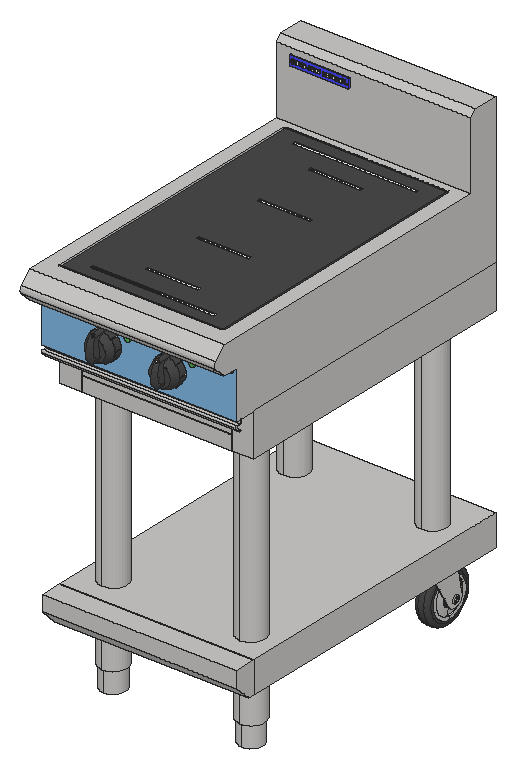
Revit family "QF_Moffat_IN512F-LS_Induction_Cooktop_cat", category Specialty Equipment, Revit 2019
Family settings
  Round Connector Dimension = Use Diameter
  Part Type = Normal
  Work Plane-Based = No
  Always vertical = Yes
  Cut with Voids When Loaded = No
  Shared = No
  Room Calculation Point = No
Parameters (values of type "IN512F-LS")
  Weight in Kilograms = 88
  Watts = 5810 W
  Volts = 415 V
  URL Cutsheet = ""
  Specification by User = ""
  Specification by Manufacturer = ""
  Show Logo [instance] = yes
  Show Legs [instance] = not(Show Castors)  # no
  Show Castors [instance] = yes
  Serial Number = ""
  Seismic Rating = ""
  SMACNA No = ""
  Revision Code = ""
  Phase = 3
  Number of Poles = 1
  NAFEM Spec ID Number = ""
  Model = "IN512F-LS"
  Min Ckt Ampacity = 0 A
  Max Overcurrent Protection = 0 A
  Masterspec = ""
  Manufacturer = "Moffat"
  Length = 450 mm
  Item Number = ""
  Installed By = ""
  Identify Quantity as Lot = yes
  Height = 1085 mm
  HP = ""
  Furnished By = ""
  Foodservice Equipment Identifier = yes
  FL Amps = 14 A
  Electrical Remarks = ""
  Electric Connection Type = ""
  Elec Conn RI Height = 0 mm
  Elec Conn Connection Height = 0 mm
  Description = "Induction Cooktop"
  Depth = 812.2 mm
  Cycle = 60 Hz
  Conn Plug = ""
  Conn Conduit = yes
  CSI MasterFormat = ""
  Apparent Power = if(Phase = 3, Volts * FL Amps * 1.73, Volts * FL Amps)  # 10051.3 VA
Reference planes
  plane 1 "BACK": y = 0
  plane 2: z = 0
  plane 3 "LEFT": x = 0
  plane 4 "RIGHT": x = 450
  plane 5 "FRONT": y = -812.2
  plane 6 "TOP": z = 1085
  plane 7 "Center Y": x = 225
  plane 8 "Center X": y = -406.1
  plane 9: x = 65.5
  plane 10: x = 384.5
  plane 11: y = -30
  plane 12: x = 320
  plane 13: z = 635
  plane 14: y = -100
  plane 15: y = -625
  plane 16: z = 150
Forms (mm)
  Extrusion 1, solid, material "QF_Metal_Stainless_Polished"
    sketch origin (0, 0, 560) x (0, 1, 0) y (0, 0, 1)
      loop
        line (0, 180) -> (0, 525) -> (-57, 525) -> (-70, 512) -> (-70, 354.5) -> (-784.171, 354.5) -> (-808.685, 329.985)
        arc (-808.685, 329.985) -> (-812.2, 321.5) -> (-808.685, 313.015) r 12
        line (-808.685, 313.015) -> (-785.171, 289.5) -> (-749, 289.5) -> (-749, 180) -> (0, 180)
    from 0 to 450
  Extrusion 2, void
    sketch origin (0, -784.171, 914.5) x (0, 1, 0) y (-1, 0, 0)
      loop
        arc (696.671, -39.5) -> (694.913, -35.257) -> (690.671, -33.5) r 6
        line (690.671, -33.5) -> (44.671, -33.5)
        arc (44.671, -33.5) -> (40.428, -35.257) -> (38.671, -39.5) r 6
        line (38.671, -39.5) -> (38.671, -410.5)
        arc (38.671, -410.5) -> (40.428, -414.743) -> (44.671, -416.5) r 6
        line (44.671, -416.5) -> (690.671, -416.5)
        arc (690.671, -416.5) -> (694.913, -414.743) -> (696.671, -410.5) r 6
        line (696.671, -410.5) -> (696.671, -39.5)
    from 0 to -9.5
  Extrusion 3, solid, material "QF_Plastic_White_Smooth"
    sketch origin (0, -784.171, 905) x (0, 1, 0) y (-1, 0, 0)
      loop
        line (663.271, -82.5) -> (657.271, -82.5) -> (657.271, -367.5) -> (663.271, -367.5) -> (663.271, -82.5)
      loop
        line (605.671, -165) -> (599.671, -165) -> (599.671, -285) -> (605.671, -285) -> (605.671, -165)
      loop
        line (459.171, -165) -> (453.171, -165) -> (453.171, -285) -> (459.171, -285) -> (459.171, -165)
      loop
        line (282.171, -165) -> (276.171, -165) -> (276.171, -285) -> (282.171, -285) -> (282.171, -165)
      loop
        line (135.671, -165) -> (129.671, -165) -> (129.671, -285) -> (135.671, -285) -> (135.671, -165)
      loop
        line (78.071, -82.5) -> (72.071, -82.5) -> (72.071, -367.5) -> (78.071, -367.5) -> (78.071, -82.5)
    from 0 to 9.5
  Extrusion 4, solid, material "QF_Plastic_Black_Smooth"
    sketch origin (0, -784.171, 914.5) x (0, 1, 0) y (-1, 0, 0)
      loop
        line (692.671, -410.5) -> (692.671, -39.5)
        arc (692.671, -39.5) -> (692.085, -38.086) -> (690.671, -37.5) r 2
        line (690.671, -37.5) -> (44.671, -37.5)
        arc (44.671, -37.5) -> (43.256, -38.086) -> (42.671, -39.5) r 2
        line (42.671, -39.5) -> (42.671, -410.5)
        arc (42.671, -410.5) -> (43.256, -411.914) -> (44.671, -412.5) r 2
        line (44.671, -412.5) -> (690.671, -412.5)
        arc (690.671, -412.5) -> (692.085, -411.914) -> (692.671, -410.5) r 2
      loop
        line (663.271, -367.5) -> (663.271, -82.5) -> (657.271, -82.5) -> (657.271, -367.5) -> (663.271, -367.5)
      loop
        line (605.671, -285) -> (605.671, -165) -> (599.671, -165) -> (599.671, -285) -> (605.671, -285)
      loop
        line (459.171, -285) -> (459.171, -165) -> (453.171, -165) -> (453.171, -285) -> (459.171, -285)
      loop
        line (282.171, -285) -> (282.171, -165) -> (276.171, -165) -> (276.171, -285) -> (282.171, -285)
      loop
        line (135.671, -285) -> (135.671, -165) -> (129.671, -165) -> (129.671, -285) -> (135.671, -285)
      loop
        line (78.071, -367.5) -> (78.071, -82.5) -> (72.071, -82.5) -> (72.071, -367.5) -> (78.071, -367.5)
    from 0 to -9.5
  Extrusion 5, solid, material "QF_Metal_Stainless_Polished"
    sketch origin (0, 0, 600) x (0, 1, 0) y (0, 0, 1)
      loop
        line (-737.8, 140) -> (-737.8, 130) -> (-747.305, 130)
        arc (-747.305, 130) -> (-750.276, 128.015) -> (-749.579, 124.511) r 3.215
        line (-749.579, 124.511) -> (-739.05, 113.982) -> (-737.919, 115.113) -> (-748.447, 125.642)
        arc (-748.447, 125.642) -> (-748.797, 127.403) -> (-747.305, 128.4) r 1.615
        line (-747.305, 128.4) -> (-736.2, 128.4) -> (-736.2, 140) -> (-737.8, 140)
    from 0 to 450
  Extrusion 6, solid, material "QF_Plastic_Black_Smooth"
    sketch origin (0, -749, 741.875) x (0, 0, 1) y (-1, 0, 0)
      loop
        circle (99.343, -13.157) r 5
      loop
        circle (99.343, -436.843) r 5
      loop
        circle (99.343, -150) r 5
      loop
        circle (99.343, -300) r 5
    from 0 to 1.6
  Extrusion 7, solid, material "QF_Metal_Stainless_Polished"
    sketch origin (0, -699, 640) x (0, 1, 0) y (1, 0, 0)
      loop
        circle (669, 320) r 6.35
    from 0 to 1.6
  Extrusion 8, solid, material "QF_Metal_Stainless_Polished"
    sketch origin (0, -699, 645) x (1, 0, 0) y (0, -1, 0)
      loop
        line (0, -699) -> (450, -699) -> (450, 0) -> (399.2, 0) -> (399.2, -25.4) -> (50.8, -25.4) -> (50.8, 0) -> (0, 0) -> (0, -699)
    from 5 to -95
  Extrusion 9, solid, material "QF_Metal_Stainless_Polished"
    sketch origin (50.8, -30, 645) x (0, 1, 0) y (0, 0, 1)
      loop
        line (-669, -5) -> (-643.6, -5) -> (-643.6, 27.7) -> (-669, 27.7) -> (-669, -5)
      loop
        line (-669, 28.7) -> (-643.6, 28.7) -> (-643.6, 61.4) -> (-669, 61.4) -> (-669, 28.7)
      loop
        line (-669, 62.4) -> (-643.6, 62.4) -> (-643.6, 95) -> (-669, 95) -> (-669, 62.4)
    from 0 to 348.4
  Revolve 10, solid, material "QF_Metal_Stainless_Polished"
    sketch origin (65.5, -4572, 255.2) x (0, 0, -1) y (0, -1, 0)
      loop
        line (32.7, -4503.75) -> (32.7, -4472) -> (-384.8, -4472) -> (-384.8, -4503.75) -> (32.7, -4503.75)
      axis (-384.8, -4472) -> (32.7, -4472)
    angle from 0 to 360
  Revolve 11, solid, material "QF_Metal_Stainless_Polished"
    sketch origin (65.5, -4572, 255.2) x (0, 0, -1) y (0, -1, 0)
      loop
        line (255.2, -3974.5) -> (255.2, -3947) -> (-384.8, -3947) -> (-384.8, -3978.75) -> (205.2, -3978.75) -> (205.2, -3974.5) -> (255.2, -3974.5)
      axis (-384.8, -3947) -> (255.2, -3947)
    angle from 0 to 360
  Revolve 12, solid, material "QF_Metal_Stainless_Polished"
    sketch origin (384.5, -4572, 255.2) x (0, 0, -1) y (0, 1, 0)
      loop
        line (32.7, 4503.75) -> (-384.8, 4503.75) -> (-384.8, 4472) -> (32.7, 4472) -> (32.7, 4503.75)
      axis (-384.8, 4472) -> (32.7, 4472)
    angle from 0 to 360
  Revolve 13, solid, material "QF_Metal_Stainless_Polished"
    sketch origin (384.5, -4572, 255.2) x (0, 0, -1) y (0, 1, 0)
      loop
        line (255.2, 3974.5) -> (205.2, 3974.5) -> (205.2, 3978.75) -> (-384.8, 3978.75) -> (-384.8, 3947) -> (255.2, 3947) -> (255.2, 3974.5)
      axis (-384.8, 3947) -> (255.2, 3947)
    angle from 0 to 360
  Extrusion 14, solid, material "QF_Metal_Stainless_Polished"
    sketch origin (0, 0, 0) x (0, 1, 0) y (0, 0, 1)
      loop
        line (-747.95, 186) -> (-711.95, 150) -> (-697.95, 150) -> (-697.95, 222.5) -> (-747.95, 222.5) -> (-747.95, 186)
    from 0 to 450
  Extrusion 15, solid, material "QF_Metal_Stainless_Polished"
    sketch origin (0, 0, 0) x (0, 1, 0) y (0, 0, 1)
      loop
        line (-697.95, 222.5) -> (-697.95, 150) -> (0, 150) -> (0, 222.5) -> (-697.95, 222.5)
    from 0 to 450
  Revolve 16, solid, material "QF_Metal_Stainless_Polished", visible <- "Show Legs"
    sketch origin (65.5, -4047, 255.2) x (0, 0, -1) y (0, -1, 0)
      loop
        line (255.2, -3974.5) -> (255.2, -3947) -> (105.2, -3947) -> (105.2, -3978.75) -> (205.2, -3978.75) -> (205.2, -3974.5) -> (255.2, -3974.5)
      axis (105.2, -3947) -> (255.2, -3947)
    angle from 0 to 360
  Revolve 17, solid, material "QF_Metal_Stainless_Polished", visible <- "Show Legs"
    sketch origin (384.5, -4047, 255.2) x (0, 0, -1) y (0, -1, 0)
      loop
        line (255.2, -3974.5) -> (255.2, -3947) -> (105.2, -3947) -> (105.2, -3978.75) -> (205.2, -3978.75) -> (205.2, -3974.5) -> (255.2, -3974.5)
      axis (105.2, -3947) -> (255.2, -3947)
    angle from 0 to 360
  Extrusion 18, solid, material "QF_Paint_Green"
    sketch origin (-84.269, -749, 740) x (0, 0, 1) y (-1, 0, 0)
      loop
        circle (84.8, -282.5) r 7.15
    from 0 to 1.6
  Extrusion 19, solid, material "QF_Paint_Green"
    sketch origin (65.731, -749, 740) x (0, 0, 1) y (-1, 0, 0)
      loop
        circle (84.8, -282.5) r 7.15
    from 0 to 1.6
Cuts and joins
  Extrusion 2 cuts Extrusion 1
  joined: Revolve 11, Revolve 13, Extrusion 15
Lines and regions (mm)
  symbolic lines
    curve 1: line (0, 0, 0) -> (450, 0, 0)
    curve 2: line (0, -812.2, 0) -> (0, 0, 0)
    curve 3: line (450, -812.2, 0) -> (0, -812.2, 0)
    curve 4: line (450, 0, 0) -> (450, -812.2, 0)
    curve 5: line (0, -784.171, 0) -> (450, -784.171, 0)
    curve 6: line (0, -57, 0) -> (450, -57, 0)
    curve 7: line (0, -70, 0) -> (450, -70, 0)
    curve 8: line (39.5, -87.5, 0) -> (410.5, -87.5, 0)
    curve 9: arc (410.5, -87.5, 0) -> (414.743, -89.257, 0) -> (416.5, -93.5, 0) r 6
    curve 10: line (416.5, -93.5, 0) -> (416.5, -739.5, 0)
    curve 11: arc (416.5, -739.5, 0) -> (414.743, -743.743, 0) -> (410.5, -745.5, 0) r 6
    curve 12: line (410.5, -745.5, 0) -> (39.5, -745.5, 0)
    curve 13: arc (39.5, -745.5, 0) -> (35.257, -743.743, 0) -> (33.5, -739.5, 0) r 6
    curve 14: line (33.5, -739.5, 0) -> (33.5, -93.5, 0)
    curve 15: arc (33.5, -93.5, 0) -> (35.257, -89.257, 0) -> (39.5, -87.5, 0) r 6
    curve 16: line (410.5, -91.5, 0) -> (39.5, -91.5, 0)
    curve 17: arc (39.5, -91.5, 0) -> (38.086, -92.086, 0) -> (37.5, -93.5, 0) r 2
    curve 18: line (37.5, -93.5, 0) -> (37.5, -739.5, 0)
    curve 19: arc (37.5, -739.5, 0) -> (38.086, -740.914, 0) -> (39.5, -741.5, 0) r 2
    curve 20: line (39.5, -741.5, 0) -> (410.5, -741.5, 0)
    curve 21: arc (410.5, -741.5, 0) -> (411.914, -740.914, 0) -> (412.5, -739.5, 0) r 2
    curve 22: line (412.5, -739.5, 0) -> (412.5, -93.5, 0)
    curve 23: arc (412.5, -93.5, 0) -> (411.914, -92.086, 0) -> (410.5, -91.5, 0) r 2
    curve 24: line (82.5, -120.9, 0) -> (367.5, -120.9, 0)
    curve 25: line (367.5, -120.9, 0) -> (367.5, -126.9, 0)
    curve 26: line (367.5, -126.9, 0) -> (82.5, -126.9, 0)
    curve 27: line (82.5, -126.9, 0) -> (82.5, -120.9, 0)
    curve 28: line (165, -178.5, 0) -> (285, -178.5, 0)
    curve 29: line (285, -178.5, 0) -> (285, -184.5, 0)
    curve 30: line (285, -184.5, 0) -> (165, -184.5, 0)
    curve 31: line (165, -184.5, 0) -> (165, -178.5, 0)
    curve 32: line (165, -325, 0) -> (285, -325, 0)
    curve 33: line (285, -325, 0) -> (285, -331, 0)
    curve 34: line (285, -331, 0) -> (165, -331, 0)
    curve 35: line (165, -331, 0) -> (165, -325, 0)
    curve 36: line (165, -502, 0) -> (285, -502, 0)
    curve 37: line (285, -502, 0) -> (285, -508, 0)
    curve 38: line (285, -508, 0) -> (165, -508, 0)
    curve 39: line (165, -508, 0) -> (165, -502, 0)
    curve 40: line (165, -648.5, 0) -> (285, -648.5, 0)
    curve 41: line (285, -648.5, 0) -> (285, -654.5, 0)
    curve 42: line (285, -654.5, 0) -> (165, -654.5, 0)
    curve 43: line (165, -654.5, 0) -> (165, -648.5, 0)
    curve 44: line (82.5, -706.1, 0) -> (367.5, -706.1, 0)
    curve 45: line (367.5, -706.1, 0) -> (367.5, -712.1, 0)
    curve 46: line (367.5, -712.1, 0) -> (82.5, -712.1, 0)
    curve 47: line (82.5, -712.1, 0) -> (82.5, -706.1, 0)
Dimensions and locks
  equal spacing: plane 3 "LEFT", plane 7 "Center Y", plane 4 "RIGHT"
  "Length": plane 3 "LEFT" to plane 4 "RIGHT"
  equal spacing: plane 5 "FRONT", plane 8 "Center X", plane 1 "BACK"
  "Depth": plane 5 "FRONT" to plane 1 "BACK"
  "Height": plane 6 "TOP" to level
  plane 9 to plane 10 = 319 mm
  plane 4 "RIGHT" to plane 3 "LEFT" = 450 mm
  plane 1 "BACK" to cut or joined group of Extrusion 1, Extrusion 2 = 70 mm
  plane 1 "BACK" to plane 5 "FRONT" = 812.2 mm
  plane 6 "TOP" to plane 2 = 1085 mm
  cut or joined group of Extrusion 1, Extrusion 2 to plane 2 = 914.5 mm
  locked: plane 12 to plane 4 "RIGHT" at 130
  plane 1 "BACK" to plane 11 = 30 mm
  plane 1 "BACK" to plane 14 to plane 15 = 100 mm, 525 mm
  plane 2 to plane 13 = 635 mm
  plane 16 to plane 2 = 150 mm
  aligned and locked: level to plane 2
Automatic sketch dimensions
  plane 1 "BACK" to curve 1 = 0 mm
  curve 1 to plane 3 "LEFT" = 0 mm
  curve 3 to plane 4 "RIGHT" = 0 mm
  plane 5 "FRONT" to curve 3 = 0 mm
  curve 3 to curve 5 = 28.029 mm
  curve 7 to plane 14 = 30 mm
  curve 7 to curve 6 = 13 mm
  Extrusion 1 sketch curve to plane 6 "TOP" = 0 mm
  Extrusion 1 sketch curve to plane 1 "BACK" = 0 mm
  plane 11 to Extrusion 1 sketch curve = 27 mm
  Extrusion 1 sketch curve to plane 6 "TOP" = 13 mm
  Extrusion 1 sketch curve to Extrusion 1 sketch curve = 13 mm
  Extrusion 1 sketch curve to plane 5 "FRONT" = 63.2 mm
  Extrusion 1 sketch curve to plane 5 "FRONT" = 28.029 mm
  Extrusion 1 sketch curve to plane 5 "FRONT" = 27.029 mm
  Extrusion 1 sketch curve to plane 5 "FRONT" = 12 mm
  Extrusion 1 sketch curve to plane 5 "FRONT" = 3.515 mm  (x2)
  Extrusion 1 sketch curve to plane 6 "TOP" = 170.5 mm
  Extrusion 1 sketch curve to Extrusion 1 sketch curve = 24.515 mm
  Extrusion 1 sketch curve to Extrusion 1 sketch curve = 8.485 mm
  Extrusion 1 sketch curve to Extrusion 1 sketch curve = 32 mm
  Extrusion 1 sketch curve to plane 13 = 105 mm
  Extrusion 2 sketch curve to Extrusion 1 = 38.671 mm
  Extrusion 2 sketch curve to Extrusion 2 sketch curve = 6 mm  (x3)
  Extrusion 1 to Extrusion 2 sketch curve = 23.5 mm  (x2)
  Extrusion 1 to Extrusion 2 sketch curve = 33.5 mm
  Extrusion 1 to Extrusion 2 sketch curve = 39.5 mm
  Extrusion 3 sketch curve to Extrusion 2 = 33.4 mm
  Extrusion 3 sketch curve to Extrusion 3 sketch curve = 6 mm  (x6)
  Extrusion 3 sketch curve to Extrusion 2 = 91 mm
  Extrusion 3 sketch curve to Extrusion 3 sketch curve = 140.5 mm
  Extrusion 3 sketch curve to Extrusion 3 sketch curve = 171 mm
  Extrusion 3 sketch curve to Extrusion 2 = 97 mm
  Extrusion 3 sketch curve to Extrusion 2 = 39.4 mm
  Extrusion 3 sketch curve to Extrusion 2 = 49 mm  (x4)
  Extrusion 3 sketch curve to Extrusion 3 sketch curve = 82.5 mm  (x2)
  Extrusion 3 sketch curve to Extrusion 2 = 131.5 mm  (x2)
  Extrusion 3 sketch curve to Extrusion 3 sketch curve = 120 mm  (x4)
  Extrusion 4 sketch curve to Extrusion 1 = 42.671 mm
  Extrusion 4 sketch curve to Extrusion 4 sketch curve = 2 mm  (x3)
  Extrusion 4 sketch curve to Extrusion 4 sketch curve = 27.4 mm
  Extrusion 4 sketch curve to Extrusion 4 sketch curve = 6 mm  (x6)
  Extrusion 4 sketch curve to Extrusion 4 sketch curve = 51.6 mm
  Extrusion 4 sketch curve to Extrusion 4 sketch curve = 140.5 mm
  Extrusion 4 sketch curve to Extrusion 4 sketch curve = 171 mm
  Extrusion 1 to Extrusion 4 sketch curve = 114.5 mm
  Extrusion 1 to Extrusion 4 sketch curve = 56.9 mm
  Extrusion 1 to Extrusion 4 sketch curve = 23.5 mm  (x2)
  Extrusion 1 to Extrusion 4 sketch curve = 37.5 mm
  Extrusion 4 sketch curve to Extrusion 4 sketch curve = 43 mm  (x2)
  Extrusion 1 to Extrusion 4 sketch curve = 165 mm
  Extrusion 4 sketch curve to Extrusion 4 sketch curve = 82.5 mm  (x2)
  Extrusion 4 sketch curve to Extrusion 4 sketch curve = 0 mm
  Extrusion 4 sketch curve to Extrusion 4 sketch curve = 120 mm  (x4)
  Extrusion 1 to Extrusion 4 sketch curve = 82.5 mm  (x2)
  Extrusion 1 to Extrusion 4 sketch curve = 39.5 mm
  Extrusion 5 sketch curve to Extrusion 5 sketch curve = 0 mm  (x2)
  Extrusion 5 sketch curve to plane 5 "FRONT" = 62.621 mm
  Extrusion 5 sketch curve to Extrusion 5 sketch curve = 1.131 mm  (x3)
  Extrusion 5 sketch curve to Extrusion 5 sketch curve = 1.142 mm  (x2)
  Extrusion 5 sketch curve to Extrusion 5 sketch curve = 10.529 mm
  Extrusion 5 sketch curve to Extrusion 5 sketch curve = 9.505 mm
  Extrusion 5 sketch curve to Extrusion 5 sketch curve = 1.6 mm
  Extrusion 5 sketch curve to plane 13 = 78.982 mm
  Extrusion 5 sketch curve to Extrusion 5 sketch curve = 10 mm
  Extrusion 8 to Extrusion 7 sketch curve = 30 mm
  Extrusion 7 sketch curve to Extrusion 8 = 79.2 mm
  plane 1 "BACK" to Extrusion 8 sketch curve = 0 mm
  Extrusion 8 sketch curve to plane 3 "LEFT" = 0 mm
  Extrusion 8 sketch curve to plane 4 "RIGHT" = 0 mm
  plane 9 to Extrusion 8 sketch curve = 14.7 mm
  Extrusion 8 sketch curve to plane 10 = 14.7 mm
  plane 15 to Extrusion 8 sketch curve = 48.6 mm
  Extrusion 8 sketch curve to Extrusion 8 sketch curve = 25.4 mm  (x2)
  Extrusion 9 sketch curve to Extrusion 8 = 0 mm  (x8)
  Extrusion 8 to Extrusion 9 sketch curve = 32.7 mm
  Extrusion 9 sketch curve to Extrusion 9 sketch curve = 1 mm  (x2)
  Extrusion 9 sketch curve to Extrusion 9 sketch curve = 32.7 mm
  Revolve 10 sketch curve to plane 14 = 0 mm  (x2)
  Revolve 10 sketch curve to plane 13 = 5 mm
  Revolve 10 sketch curve to plane 14 = 31.75 mm
  plane 16 to Revolve 10 sketch curve = 72.5 mm
  Revolve 10 sketch curve to Revolve 10 sketch curve = 0 mm
  plane 16 to Revolve 10 sketch curve = 25 mm
  Revolve 11 sketch curve to plane 15 = 0 mm  (x2)
  Revolve 11 sketch curve to level = 0 mm  (x2)
  level to Revolve 11 sketch curve = 50 mm
  Revolve 11 sketch curve to plane 13 = 5 mm
  Revolve 11 sketch curve to Revolve 11 sketch curve = 27.5 mm
  Revolve 11 sketch curve to Revolve 11 sketch curve = 31.75 mm
  Revolve 11 sketch curve to Revolve 11 sketch curve = 25 mm
  Revolve 12 sketch curve to plane 14 = 0 mm  (x2)
  Revolve 12 sketch curve to plane 13 = 5 mm
  Revolve 12 sketch curve to plane 14 = 31.75 mm
  plane 16 to Revolve 12 sketch curve = 72.5 mm
  Revolve 12 sketch curve to Revolve 12 sketch curve = 0 mm
  Revolve 12 sketch curve to Revolve 12 sketch curve = 25 mm
  Revolve 13 sketch curve to plane 15 = 0 mm  (x2)
  Revolve 13 sketch curve to level = 0 mm  (x2)
  level to Revolve 13 sketch curve = 50 mm
  Revolve 13 sketch curve to plane 13 = 5 mm
  Revolve 13 sketch curve to plane 15 = 27.5 mm
  Revolve 13 sketch curve to Revolve 13 sketch curve = 4.25 mm
  Revolve 13 sketch curve to Revolve 13 sketch curve = 25 mm
  Extrusion 14 sketch curve to plane 16 = 0 mm
  Extrusion 14 sketch curve to plane 5 "FRONT" = 64.25 mm
  Extrusion 14 sketch curve to Extrusion 14 sketch curve = 36 mm
  Extrusion 14 sketch curve to Extrusion 14 sketch curve = 14 mm
  plane 16 to Extrusion 14 sketch curve = 36 mm
  Extrusion 14 sketch curve to Extrusion 14 sketch curve = 36.5 mm
  Extrusion 15 sketch curve to plane 16 = 0 mm
  Extrusion 15 sketch curve to plane 1 "BACK" = 0 mm
  plane 15 to Extrusion 15 sketch curve = 72.95 mm
  Extrusion 15 sketch curve to Extrusion 15 sketch curve = 72.5 mm
  Revolve 16 sketch curve to plane 14 = 0 mm  (x2)
  Revolve 16 sketch curve to plane 16 = 0 mm
  Revolve 16 sketch curve to level = 0 mm  (x2)
  level to Revolve 16 sketch curve = 50 mm
  Revolve 16 sketch curve to Revolve 16 sketch curve = 27.5 mm
  Revolve 16 sketch curve to plane 14 = 31.75 mm
  Revolve 16 sketch curve to Revolve 16 sketch curve = 25 mm
  Revolve 17 sketch curve to plane 14 = 0 mm  (x2)
  Revolve 17 sketch curve to plane 16 = 0 mm
  Revolve 17 sketch curve to level = 0 mm  (x2)
  level to Revolve 17 sketch curve = 50 mm
  Revolve 17 sketch curve to Revolve 17 sketch curve = 27.5 mm
  Revolve 17 sketch curve to plane 14 = 31.75 mm
  Revolve 17 sketch curve to Revolve 17 sketch curve = 25 mm
  Extrusion 1 to Extrusion 18 sketch curve = 24.7 mm
  Extrusion 1 to Extrusion 18 sketch curve = 198.231 mm
  Extrusion 1 to Extrusion 19 sketch curve = 24.7 mm
  Extrusion 1 to Extrusion 19 sketch curve = 101.769 mm
  curve 14 to plane 14 = 6.5 mm
  plane 9 to curve 14 = 32 mm
  curve 14 to curve 15 = 6 mm
  curve 13 to curve 13 = 6 mm
  curve 9 to plane 14 = 6.5 mm
  curve 9 to plane 10 = 26 mm
  curve 12 to curve 10 = 6 mm
  curve 5 to curve 12 = 38.671 mm
  curve 9 to curve 23 = 0 mm  (x2)
  curve 11 to curve 21 = 0 mm  (x2)
  curve 13 to curve 19 = 0 mm  (x2)
  curve 15 to curve 17 = 0 mm
  curve 18 to curve 15 = 2 mm
  curve 27 to plane 9 = 17 mm
  plane 10 to curve 26 = 17 mm
  plane 14 to curve 25 = 26.9 mm
  curve 26 to curve 24 = 6 mm
  curve 30 to plane 7 "Center Y" = 60 mm
  plane 12 to curve 30 = 35 mm
  plane 14 to curve 30 = 84.5 mm
  curve 30 to curve 31 = 6 mm
  curve 35 to plane 7 "Center Y" = 60 mm
  plane 12 to curve 32 = 35 mm
  plane 8 "Center X" to curve 34 = 75.1 mm
  curve 34 to curve 35 = 6 mm
  curve 38 to plane 7 "Center Y" = 60 mm
  plane 12 to curve 36 = 35 mm
  curve 39 to plane 8 "Center X" = 101.9 mm
  curve 37 to curve 37 = 6 mm
  plane 15 to curve 40 = 23.5 mm
  curve 40 to plane 7 "Center Y" = 60 mm
  plane 12 to curve 42 = 35 mm
  curve 43 to curve 40 = 6 mm
  curve 44 to plane 9 = 17 mm
  plane 10 to curve 45 = 17 mm
  curve 13 to curve 47 = 27.4 mm
  curve 45 to curve 45 = 6 mm
  Extrusion 1 to Extrusion 6 sketch curve = 8.282 mm  (x4)
  Extrusion 1 to Extrusion 6 sketch curve = 13.157 mm  (x2)
  Extrusion 6 sketch curve to Extrusion 6 sketch curve = 136.843 mm
  Extrusion 1 to Extrusion 6 sketch curve = 150 mm
  radius of Extrusion 7 sketch curve = 6.35 mm
  radius of Extrusion 18 sketch curve = 7.15 mm
  radius of Extrusion 19 sketch curve = 7.15 mm
  radius of Extrusion 6 sketch curve = 5 mm  (x4)
Nested families
  nested 1: "QF_LOGO_BLue Seal" at (32, -70, 1034.385), visible <- "Show Logo", type "QF_LOGO_BLue Seal"
  nested 2: "6 INCHES 02_CASTER" at (65.5, -100, 0), Show Casters <- "Show Castors", type "6 INCHES 02_CASTER"
    with Type Mark "", Specification by User "", Show Casters yes, Revision Code "", Item Number "", Installed By "", Identify Quantity as Lot yes, Furnished By "", Foodservice Equipment Identifier yes
  nested 3: "6 INCHES 02_CASTER" at (384.5, -100, 0), Show Casters <- "Show Castors", type "6 INCHES 02_CASTER"
    with Type Mark "", Specification by User "", Show Casters yes, Revision Code "", Item Number "", Installed By "", Identify Quantity as Lot yes, Furnished By "", Foodservice Equipment Identifier yes
  nested 4: "Knob" at (117.5, -739.5, 764.5), type "Knob"
  nested 5: "Knob" at (267.5, -739.5, 764.5), type "Knob"
Connectors
  electrical at (320, -30, 638.4), driven by "Volts", driven by "Watts"
    settings: on Extrusion 7, index 1, voltage 415 V, apparent load 5810 VA, apparent load phase1 0 VA, apparent load phase2 0 VA, apparent load phase3 0 VA, power factor 1, load classification "Other", number of poles 1, system type 30, power factor state 1, is connector primary yes, connector utility no, sub classification motor no, connector description "Electrical Connection"
Definition of nested family "QF_LOGO_BLue Seal"
  Parameters (values of type "QF_LOGO_BLue Seal")
    Weight in Pounds = 0
    URL Cutsheet = ""
    Specification by User = ""
    Specification by Manufacturer = ""
    Serial Number = ""
    Seismic Rating = ""
    SMACNA No = ""
    Revision Code = ""
    NAFEM Spec ID Number = ""
    Masterspec = ""
    Length = 138 mm
    Item Number = ""
    Installed By = ""
    Identify Quantity as Lot = yes
    Height = 23 mm
    Furnished By = ""
    Foodservice Equipment Identifier = yes
    Depth = 3.175 mm
    CSI MasterFormat = ""
  Reference planes
    plane 1 "BACK": y = 0
    plane 2: z = 0
    plane 3 "LEFT": x = 0
    plane 4 "RIGHT": x = 138
    plane 5 "FRONT": y = -3.175
    plane 6 "TOP": z = 23
    plane 7 "Center Y": x = 69
    plane 8 "Center X": y = -1.587
  Forms (mm)
    Extrusion 1, solid
      sketch origin (0, 0, 0) x (1, 0, 0) y (0, 0, 1)
        loop
          arc (2, 23) -> (0.586, 22.414) -> (0, 21) r 2
          line (0, 21) -> (0, 2)
          arc (0, 2) -> (0.586, 0.586) -> (2, 0) r 2
          line (2, 0) -> (136, 0)
          arc (136, 0) -> (137.414, 0.586) -> (138, 2) r 2
          line (138, 2) -> (138, 21)
          arc (138, 21) -> (137.414, 22.414) -> (136, 23) r 2
          line (136, 23) -> (2, 23)
        loop
          arc (16.625, 15.317) -> (15.943, 15.034) -> (15.66, 14.352) r 0.965
          line (15.66, 14.352) -> (15.66, 8.169)
          arc (15.66, 8.169) -> (15.953, 7.461) -> (16.66, 7.169) r 1
          line (16.66, 7.169) -> (27.958, 7.169)
          arc (27.958, 7.169) -> (29.995, 9.206) -> (27.958, 11.243) r 2.037
          arc (27.958, 11.243) -> (29.995, 13.28) -> (27.958, 15.317) r 2.037
          line (27.958, 15.317) -> (16.625, 15.317)
        loop
          line (21.163, 13.835) -> (21.163, 12.291) -> (23.596, 12.291)
          arc (23.596, 12.291) -> (24.368, 13.063) -> (23.596, 13.835) r 0.772
          line (23.596, 13.835) -> (21.163, 13.835)
        loop
          line (21.163, 8.544) -> (23.596, 8.544)
          arc (23.596, 8.544) -> (24.368, 9.316) -> (23.596, 10.089) r 0.772
          line (23.596, 10.089) -> (21.163, 10.089) -> (21.163, 8.544)
        loop
          arc (32.475, 15.317) -> (31.768, 15.024) -> (31.475, 14.317) r 1
          line (31.475, 14.317) -> (31.475, 8.169)
          arc (31.475, 8.169) -> (31.768, 7.461) -> (32.475, 7.169) r 1
          line (32.475, 7.169) -> (41.849, 7.169)
          arc (41.849, 7.169) -> (42.859, 8.178) -> (41.849, 9.188) r 1.01
          line (41.849, 9.188) -> (37.262, 9.188) -> (37.262, 14.317)
          arc (37.262, 14.317) -> (36.969, 15.024) -> (36.262, 15.317) r 1
          line (36.262, 15.317) -> (32.475, 15.317)
        loop
          arc (44.648, 15.317) -> (43.941, 15.024) -> (43.648, 14.317) r 1
          line (43.648, 14.317) -> (43.648, 9.124)
          arc (43.648, 9.124) -> (44.221, 7.741) -> (45.604, 7.169) r 1.956
          line (45.604, 7.169) -> (55.306, 7.169)
          arc (55.306, 7.169) -> (56.749, 7.766) -> (57.347, 9.209) r 2.04
          line (57.347, 9.209) -> (57.347, 14.358)
          arc (57.347, 14.358) -> (57.066, 15.036) -> (56.388, 15.317) r 0.959
          line (56.388, 15.317) -> (52.676, 15.317)
          arc (52.676, 15.317) -> (51.968, 15.024) -> (51.676, 14.317) r 1
          line (51.676, 14.317) -> (51.676, 10.17)
          arc (51.676, 10.17) -> (50.529, 9.024) -> (49.383, 10.17) r 1.146
          line (49.383, 10.17) -> (49.383, 14.317)
          arc (49.383, 14.317) -> (49.09, 15.024) -> (48.383, 15.317) r 1
          line (48.383, 15.317) -> (44.648, 15.317)
        loop
          arc (60.035, 15.317) -> (59.328, 15.024) -> (59.035, 14.317) r 1
          line (59.035, 14.317) -> (59.035, 8.169)
          arc (59.035, 8.169) -> (59.328, 7.461) -> (60.035, 7.169) r 1
          line (60.035, 7.169) -> (69.845, 7.169)
          arc (69.845, 7.169) -> (70.828, 8.152) -> (69.845, 9.135) r 0.983
          line (69.845, 9.135) -> (65.06, 9.135) -> (65.06, 10.415) -> (69.988, 10.415)
          arc (69.988, 10.415) -> (70.828, 11.255) -> (69.988, 12.095) r 0.84
          line (69.988, 12.095) -> (65.06, 12.095) -> (65.06, 13.215) -> (69.777, 13.215)
          arc (69.777, 13.215) -> (70.828, 14.266) -> (69.777, 15.317) r 1.051
          line (69.777, 15.317) -> (60.035, 15.317)
        loop
          line (77.315, 14.317) -> (77.315, 11.634)
          arc (77.315, 11.634) -> (77.608, 10.927) -> (78.315, 10.634) r 1
          line (78.315, 10.634) -> (85.957, 10.634) -> (85.957, 8.756) -> (82.871, 8.756) -> (82.871, 9.708) -> (77.315, 9.708) -> (77.315, 8.169)
          arc (77.315, 8.169) -> (77.608, 7.461) -> (78.315, 7.169) r 1
          line (78.315, 7.169) -> (90.614, 7.169)
          arc (90.614, 7.169) -> (91.321, 7.461) -> (91.614, 8.169) r 1
          line (91.614, 8.169) -> (91.614, 11.073)
          arc (91.614, 11.073) -> (91.322, 11.778) -> (90.617, 12.07) r 0.996
          line (90.617, 12.07) -> (82.871, 12.07) -> (82.871, 13.786) -> (85.957, 13.786) -> (85.957, 12.856) -> (91.614, 12.856) -> (91.614, 14.317)
          arc (91.614, 14.317) -> (91.321, 15.024) -> (90.614, 15.317) r 1
          line (90.614, 15.317) -> (78.315, 15.317)
          arc (78.315, 15.317) -> (77.608, 15.024) -> (77.315, 14.317) r 1
        loop
          arc (107.404, 15.317) -> (106.697, 15.024) -> (106.404, 14.317) r 1
          line (106.404, 14.317) -> (106.404, 8.169)
          arc (106.404, 8.169) -> (106.697, 7.461) -> (107.404, 7.169) r 1
          line (107.404, 7.169) -> (111.34, 7.169)
          arc (111.34, 7.169) -> (112.047, 7.461) -> (112.34, 8.169) r 1
          line (112.34, 8.169) -> (112.34, 9.135) -> (115.1, 9.135) -> (115.1, 8.169)
          arc (115.1, 8.169) -> (115.393, 7.461) -> (116.1, 7.169) r 1
          line (116.1, 7.169) -> (119.975, 7.169)
          arc (119.975, 7.169) -> (120.682, 7.461) -> (120.975, 8.169) r 1
          line (120.975, 8.169) -> (120.975, 14.317)
          arc (120.975, 14.317) -> (120.682, 15.024) -> (119.975, 15.317) r 1
          line (119.975, 15.317) -> (107.404, 15.317)
        loop
          arc (94.016, 15.317) -> (93.309, 15.024) -> (93.016, 14.317) r 1
          line (93.016, 14.317) -> (93.016, 8.169)
          arc (93.016, 8.169) -> (93.309, 7.461) -> (94.016, 7.169) r 1
          line (94.016, 7.169) -> (103.826, 7.169)
          arc (103.826, 7.169) -> (104.809, 8.152) -> (103.826, 9.135) r 0.983
          line (103.826, 9.135) -> (99.041, 9.135) -> (99.041, 10.415) -> (103.969, 10.415)
          arc (103.969, 10.415) -> (104.809, 11.255) -> (103.969, 12.095) r 0.84
          line (103.969, 12.095) -> (99.041, 12.095) -> (99.041, 13.215) -> (103.759, 13.215)
          arc (103.759, 13.215) -> (104.809, 14.266) -> (103.759, 15.317) r 1.051
          line (103.759, 15.317) -> (94.016, 15.317)
        loop
          line (112.34, 11.583) -> (115.1, 11.583) -> (115.1, 12.915)
          arc (115.1, 12.915) -> (114.954, 13.268) -> (114.6, 13.415) r 0.5
          line (114.6, 13.415) -> (112.84, 13.415)
          arc (112.84, 13.415) -> (112.487, 13.268) -> (112.34, 12.915) r 0.5
          line (112.34, 12.915) -> (112.34, 11.583)
        loop
          arc (123.692, 15.317) -> (122.985, 15.024) -> (122.692, 14.317) r 1
          line (122.692, 14.317) -> (122.692, 8.169)
          arc (122.692, 8.169) -> (122.985, 7.461) -> (123.692, 7.169) r 1
          line (123.692, 7.169) -> (133.067, 7.169)
          arc (133.067, 7.169) -> (134.076, 8.178) -> (133.067, 9.188) r 1.01
          line (133.067, 9.188) -> (128.479, 9.188) -> (128.479, 14.317)
          arc (128.479, 14.317) -> (128.186, 15.024) -> (127.479, 15.317) r 1
          line (127.479, 15.317) -> (123.692, 15.317)
        loop
          circle (8.135, 11.2) r 4.581
      from 0 to 3.2
    Extrusion 2, solid
      sketch origin (0, 0, 0) x (1, 0, 0) y (0, 0, 1)
        loop
          circle (8.135, 11.2) r 4.581
        loop
          line (8.289, 15.169) -> (8.289, 7.231)
          arc (8.289, 7.231) -> (12.08, 11.2) -> (8.289, 15.169) r 3.973
        loop
          arc (16.625, 15.317) -> (15.943, 15.034) -> (15.66, 14.352) r 0.965
          line (15.66, 14.352) -> (15.66, 8.169)
          arc (15.66, 8.169) -> (15.953, 7.461) -> (16.66, 7.169) r 1
          line (16.66, 7.169) -> (27.958, 7.169)
          arc (27.958, 7.169) -> (29.995, 9.206) -> (27.958, 11.243) r 2.037
          arc (27.958, 11.243) -> (29.995, 13.28) -> (27.958, 15.317) r 2.037
          line (27.958, 15.317) -> (16.625, 15.317)
        loop
          line (21.163, 12.291) -> (23.596, 12.291)
          arc (23.596, 12.291) -> (24.368, 13.063) -> (23.596, 13.835) r 0.772
          line (23.596, 13.835) -> (21.163, 13.835) -> (21.163, 12.291)
        loop
          line (23.596, 10.089) -> (21.163, 10.089) -> (21.163, 8.544) -> (23.596, 8.544)
          arc (23.596, 8.544) -> (24.368, 9.316) -> (23.596, 10.089) r 0.772
        loop
          arc (37.262, 14.317) -> (36.969, 15.024) -> (36.262, 15.317) r 1
          line (36.262, 15.317) -> (32.475, 15.317)
          arc (32.475, 15.317) -> (31.768, 15.024) -> (31.475, 14.317) r 1
          line (31.475, 14.317) -> (31.475, 8.169)
          arc (31.475, 8.169) -> (31.768, 7.461) -> (32.475, 7.169) r 1
          line (32.475, 7.169) -> (41.849, 7.169)
          arc (41.849, 7.169) -> (42.859, 8.178) -> (41.849, 9.188) r 1.01
          line (41.849, 9.188) -> (37.262, 9.188) -> (37.262, 14.317)
        loop
          arc (43.648, 9.124) -> (44.221, 7.741) -> (45.604, 7.169) r 1.956
          line (45.604, 7.169) -> (55.306, 7.169)
          arc (55.306, 7.169) -> (56.749, 7.766) -> (57.347, 9.209) r 2.04
          line (57.347, 9.209) -> (57.347, 14.358)
          arc (57.347, 14.358) -> (57.066, 15.036) -> (56.388, 15.317) r 0.959
          line (56.388, 15.317) -> (52.676, 15.317)
          arc (52.676, 15.317) -> (51.968, 15.024) -> (51.676, 14.317) r 1
          line (51.676, 14.317) -> (51.676, 10.17)
          arc (51.676, 10.17) -> (50.529, 9.024) -> (49.383, 10.17) r 1.146
          line (49.383, 10.17) -> (49.383, 14.317)
          arc (49.383, 14.317) -> (49.09, 15.024) -> (48.383, 15.317) r 1
          line (48.383, 15.317) -> (44.648, 15.317)
          arc (44.648, 15.317) -> (43.941, 15.024) -> (43.648, 14.317) r 1
          line (43.648, 14.317) -> (43.648, 9.124)
        loop
          arc (69.777, 13.215) -> (70.828, 14.266) -> (69.777, 15.317) r 1.051
          line (69.777, 15.317) -> (60.035, 15.317)
          arc (60.035, 15.317) -> (59.328, 15.024) -> (59.035, 14.317) r 1
          line (59.035, 14.317) -> (59.035, 8.169)
          arc (59.035, 8.169) -> (59.328, 7.461) -> (60.035, 7.169) r 1
          line (60.035, 7.169) -> (69.845, 7.169)
          arc (69.845, 7.169) -> (70.828, 8.152) -> (69.845, 9.135) r 0.983
          line (69.845, 9.135) -> (65.06, 9.135) -> (65.06, 10.415) -> (69.988, 10.415)
          arc (69.988, 10.415) -> (70.828, 11.255) -> (69.988, 12.095) r 0.84
          line (69.988, 12.095) -> (65.06, 12.095) -> (65.06, 13.215) -> (69.777, 13.215)
        loop
          line (82.871, 13.786) -> (85.957, 13.786) -> (85.957, 12.856) -> (91.614, 12.856) -> (91.614, 14.317)
          arc (91.614, 14.317) -> (91.321, 15.024) -> (90.614, 15.317) r 1
          line (90.614, 15.317) -> (78.315, 15.317)
          arc (78.315, 15.317) -> (77.608, 15.024) -> (77.315, 14.317) r 1
          line (77.315, 14.317) -> (77.315, 11.634)
          arc (77.315, 11.634) -> (77.608, 10.927) -> (78.315, 10.634) r 1
          line (78.315, 10.634) -> (85.957, 10.634) -> (85.957, 8.756) -> (82.871, 8.756) -> (82.871, 9.708) -> (77.315, 9.708) -> (77.315, 8.169)
          arc (77.315, 8.169) -> (77.608, 7.461) -> (78.315, 7.169) r 1
          line (78.315, 7.169) -> (90.614, 7.169)
          arc (90.614, 7.169) -> (91.321, 7.461) -> (91.614, 8.169) r 1
          line (91.614, 8.169) -> (91.614, 11.073)
          arc (91.614, 11.073) -> (91.322, 11.778) -> (90.617, 12.07) r 0.996
          line (90.617, 12.07) -> (82.871, 12.07) -> (82.871, 13.786)
        loop
          arc (103.759, 13.215) -> (104.809, 14.266) -> (103.759, 15.317) r 1.051
          line (103.759, 15.317) -> (94.016, 15.317)
          arc (94.016, 15.317) -> (93.309, 15.024) -> (93.016, 14.317) r 1
          line (93.016, 14.317) -> (93.016, 8.169)
          arc (93.016, 8.169) -> (93.309, 7.461) -> (94.016, 7.169) r 1
          line (94.016, 7.169) -> (103.826, 7.169)
          arc (103.826, 7.169) -> (104.809, 8.152) -> (103.826, 9.135) r 0.983
          line (103.826, 9.135) -> (99.041, 9.135) -> (99.041, 10.415) -> (103.969, 10.415)
          arc (103.969, 10.415) -> (104.809, 11.255) -> (103.969, 12.095) r 0.84
          line (103.969, 12.095) -> (99.041, 12.095) -> (99.041, 13.215) -> (103.759, 13.215)
        loop
          line (112.34, 12.915) -> (112.34, 11.583) -> (115.1, 11.583) -> (115.1, 12.915)
          arc (115.1, 12.915) -> (114.954, 13.268) -> (114.6, 13.415) r 0.5
          line (114.6, 13.415) -> (112.84, 13.415)
          arc (112.84, 13.415) -> (112.487, 13.268) -> (112.34, 12.915) r 0.5
        loop
          arc (119.975, 7.169) -> (120.682, 7.461) -> (120.975, 8.169) r 1
          line (120.975, 8.169) -> (120.975, 14.317)
          arc (120.975, 14.317) -> (120.682, 15.024) -> (119.975, 15.317) r 1
          line (119.975, 15.317) -> (107.404, 15.317)
          arc (107.404, 15.317) -> (106.697, 15.024) -> (106.404, 14.317) r 1
          line (106.404, 14.317) -> (106.404, 8.169)
          arc (106.404, 8.169) -> (106.697, 7.461) -> (107.404, 7.169) r 1
          line (107.404, 7.169) -> (111.34, 7.169)
          arc (111.34, 7.169) -> (112.047, 7.461) -> (112.34, 8.169) r 1
          line (112.34, 8.169) -> (112.34, 9.135) -> (115.1, 9.135) -> (115.1, 8.169)
          arc (115.1, 8.169) -> (115.393, 7.461) -> (116.1, 7.169) r 1
          line (116.1, 7.169) -> (119.975, 7.169)
        loop
          arc (122.692, 8.169) -> (122.985, 7.461) -> (123.692, 7.169) r 1
          line (123.692, 7.169) -> (133.067, 7.169)
          arc (133.067, 7.169) -> (134.076, 8.178) -> (133.067, 9.188) r 1.01
          line (133.067, 9.188) -> (128.479, 9.188) -> (128.479, 14.317)
          arc (128.479, 14.317) -> (128.186, 15.024) -> (127.479, 15.317) r 1
          line (127.479, 15.317) -> (123.692, 15.317)
          arc (123.692, 15.317) -> (122.985, 15.024) -> (122.692, 14.317) r 1
          line (122.692, 14.317) -> (122.692, 8.169)
        loop
          line (8.019, 7.227) -> (8.019, 15.172)
          arc (8.019, 15.172) -> (4.133, 11.2) -> (8.019, 7.227) r 3.973
      from 0 to 3.2
    Extrusion 3, solid
      sketch origin (0, 0, 0) x (1, 0, 0) y (0, 0, 1)
        loop
          line (8.289, 15.169) -> (8.289, 7.231)
          arc (8.289, 7.231) -> (12.08, 11.2) -> (8.289, 15.169) r 3.973
      from 0 to 3.2
    Extrusion 4, solid
      sketch origin (16.271, 0, 0) x (-1, 0, 0) y (0, 0, -1)
        loop
          arc (8.252, -15.172) -> (12.138, -11.2) -> (8.252, -7.227) r 3.973
          line (8.252, -7.227) -> (8.252, -15.172)
      from 0 to 3.2
  Dimensions and locks
    equal spacing: plane 3 "LEFT", plane 7 "Center Y", plane 4 "RIGHT"
    "Length": plane 3 "LEFT" to plane 4 "RIGHT"
    equal spacing: plane 5 "FRONT", plane 8 "Center X", plane 1 "BACK"
    "Depth": plane 5 "FRONT" to plane 1 "BACK"
    "Height": plane 6 "TOP" to level
    plane 4 "RIGHT" to plane 3 "LEFT" = 138 mm
    aligned and locked: level to plane 2
  Automatic sketch dimensions
    Extrusion 1 sketch curve to Extrusion 1 sketch curve = 0 mm  (x12)
    Extrusion 1 sketch curve to plane 3 "LEFT" = 0 mm
    Extrusion 1 sketch curve to level = 0 mm
    Extrusion 1 sketch curve to plane 6 "TOP" = 0 mm
    plane 4 "RIGHT" to Extrusion 1 sketch curve = 0 mm
    plane 3 "LEFT" to Extrusion 1 sketch curve = 2 mm
    Extrusion 1 sketch curve to Extrusion 1 sketch curve = 2 mm
    plane 3 "LEFT" to Extrusion 1 sketch curve = 8.135 mm
    Extrusion 1 sketch curve to Extrusion 1 sketch curve = 7.524 mm
    Extrusion 1 sketch curve to Extrusion 1 sketch curve = 0.965 mm
    Extrusion 1 sketch curve to Extrusion 1 sketch curve = 1 mm  (x22)
    Extrusion 1 sketch curve to Extrusion 1 sketch curve = 4.503 mm
    Extrusion 1 sketch curve to Extrusion 1 sketch curve = 2.434 mm  (x2)
    Extrusion 1 sketch curve to Extrusion 1 sketch curve = 4.362 mm
    Extrusion 1 sketch curve to Extrusion 1 sketch curve = 3.517 mm
    Extrusion 1 sketch curve to Extrusion 1 sketch curve = 3.787 mm  (x2)
    Extrusion 1 sketch curve to Extrusion 1 sketch curve = 4.787 mm
    Extrusion 1 sketch curve to Extrusion 1 sketch curve = 4.588 mm
    Extrusion 1 sketch curve to Extrusion 1 sketch curve = 1.798 mm
    Extrusion 1 sketch curve to Extrusion 1 sketch curve = 1.956 mm  (x2)
    Extrusion 1 sketch curve to Extrusion 1 sketch curve = 3.735 mm
    Extrusion 1 sketch curve to Extrusion 1 sketch curve = 3.779 mm
    Extrusion 1 sketch curve to Extrusion 1 sketch curve = 1.146 mm
    Extrusion 1 sketch curve to Extrusion 1 sketch curve = 3.631 mm
    Extrusion 1 sketch curve to Extrusion 1 sketch curve = 3.713 mm
    Extrusion 1 sketch curve to Extrusion 1 sketch curve = 0.959 mm
    Extrusion 1 sketch curve to Extrusion 1 sketch curve = 1.688 mm
    Extrusion 1 sketch curve to plane 7 "Center Y" = 3.94 mm
    plane 7 "Center Y" to Extrusion 1 sketch curve = 0.777 mm
    plane 7 "Center Y" to Extrusion 1 sketch curve = 0.845 mm
    plane 7 "Center Y" to Extrusion 1 sketch curve = 0.988 mm
    Extrusion 1 sketch curve to Extrusion 1 sketch curve = 7.327 mm
    Extrusion 1 sketch curve to Extrusion 1 sketch curve = 4.556 mm
    Extrusion 1 sketch curve to Extrusion 1 sketch curve = 3.087 mm
    Extrusion 1 sketch curve to Extrusion 1 sketch curve = 4.657 mm  (x2)
    Extrusion 1 sketch curve to Extrusion 1 sketch curve = 0.004 mm
    Extrusion 1 sketch curve to Extrusion 1 sketch curve = 0.996 mm  (x2)
    Extrusion 1 sketch curve to Extrusion 1 sketch curve = 1.402 mm
    Extrusion 1 sketch curve to Extrusion 1 sketch curve = 5.025 mm
    Extrusion 1 sketch curve to Extrusion 1 sketch curve = 4.717 mm
    Extrusion 1 sketch curve to Extrusion 1 sketch curve = 4.785 mm
    Extrusion 1 sketch curve to Extrusion 1 sketch curve = 0.211 mm
    Extrusion 1 sketch curve to Extrusion 1 sketch curve = 2.645 mm
    Extrusion 1 sketch curve to Extrusion 1 sketch curve = 3.936 mm
    Extrusion 1 sketch curve to Extrusion 1 sketch curve = 0.5 mm  (x2)
    Extrusion 1 sketch curve to Extrusion 1 sketch curve = 1.76 mm
    Extrusion 1 sketch curve to Extrusion 1 sketch curve = 2.76 mm
    Extrusion 1 sketch curve to Extrusion 1 sketch curve = 4.875 mm
    Extrusion 1 sketch curve to Extrusion 1 sketch curve = 3.875 mm
    Extrusion 1 sketch curve to Extrusion 1 sketch curve = 1.717 mm
    plane 4 "RIGHT" to Extrusion 1 sketch curve = 4.933 mm
    plane 4 "RIGHT" to Extrusion 1 sketch curve = 2 mm  (x2)
    level to Extrusion 1 sketch curve = 7.169 mm  (x5)
    Extrusion 1 sketch curve to Extrusion 1 sketch curve = 5.169 mm
    Extrusion 1 sketch curve to Extrusion 1 sketch curve = 0.983 mm  (x2)
    Extrusion 1 sketch curve to Extrusion 1 sketch curve = 1.01 mm  (x2)
    Extrusion 1 sketch curve to Extrusion 1 sketch curve = 0.376 mm
    Extrusion 1 sketch curve to Extrusion 1 sketch curve = 0.588 mm
    Extrusion 1 sketch curve to Extrusion 1 sketch curve = 0.966 mm
    Extrusion 1 sketch curve to Extrusion 1 sketch curve = 2.037 mm  (x2)
    Extrusion 1 sketch curve to Extrusion 1 sketch curve = 0.772 mm  (x2)
    Extrusion 1 sketch curve to Extrusion 1 sketch curve = 0.952 mm
    Extrusion 1 sketch curve to Extrusion 1 sketch curve = 1.046 mm
    Extrusion 1 sketch curve to Extrusion 1 sketch curve = 1.28 mm  (x2)
    Extrusion 1 sketch curve to Extrusion 1 sketch curve = 1.878 mm
    Extrusion 1 sketch curve to Extrusion 1 sketch curve = 2.905 mm
    Extrusion 1 sketch curve to Extrusion 1 sketch curve = 3.031 mm
    Extrusion 1 sketch curve to Extrusion 1 sketch curve = 0.84 mm  (x2)
    Extrusion 1 sketch curve to Extrusion 1 sketch curve = 2.448 mm
    Extrusion 1 sketch curve to Extrusion 1 sketch curve = 2.202 mm
    Extrusion 1 sketch curve to Extrusion 1 sketch curve = 0.786 mm
    Extrusion 1 sketch curve to Extrusion 1 sketch curve = 1.332 mm
    Extrusion 1 sketch curve to Extrusion 1 sketch curve = 1.12 mm  (x2)
    Extrusion 1 sketch curve to Extrusion 1 sketch curve = 1.716 mm
    Extrusion 1 sketch curve to Extrusion 1 sketch curve = 1.051 mm  (x2)
    Extrusion 1 sketch curve to Extrusion 1 sketch curve = 4.147 mm
    Extrusion 1 sketch curve to Extrusion 1 sketch curve = 5.129 mm
    Extrusion 1 sketch curve to Extrusion 1 sketch curve = 0.051 mm
    Extrusion 1 sketch curve to Extrusion 1 sketch curve = 1.037 mm
    Extrusion 1 sketch curve to Extrusion 1 sketch curve = 0.516 mm
    plane 3 "LEFT" to Extrusion 1 sketch curve = 3.555 mm
    Extrusion 2 sketch curve to Extrusion 2 sketch curve = 0 mm  (x16)
    plane 3 "LEFT" to Extrusion 2 sketch curve = 8.019 mm
    Extrusion 2 sketch curve to Extrusion 2 sketch curve = 0.088 mm
    Extrusion 2 sketch curve to Extrusion 2 sketch curve = 0.029 mm
    Extrusion 2 sketch curve to Extrusion 2 sketch curve = 0.27 mm
    Extrusion 2 sketch curve to Extrusion 2 sketch curve = 7.371 mm
    Extrusion 2 sketch curve to Extrusion 2 sketch curve = 0.965 mm
    Extrusion 2 sketch curve to Extrusion 2 sketch curve = 1 mm  (x24)
    Extrusion 2 sketch curve to Extrusion 2 sketch curve = 4.503 mm
    Extrusion 2 sketch curve to Extrusion 2 sketch curve = 2.434 mm
    Extrusion 2 sketch curve to Extrusion 2 sketch curve = 4.362 mm
    Extrusion 2 sketch curve to Extrusion 2 sketch curve = 3.517 mm
    Extrusion 2 sketch curve to Extrusion 2 sketch curve = 3.787 mm  (x2)
    Extrusion 2 sketch curve to Extrusion 2 sketch curve = 4.787 mm  (x2)
    Extrusion 2 sketch curve to Extrusion 2 sketch curve = 4.588 mm  (x2)
    Extrusion 2 sketch curve to Extrusion 2 sketch curve = 1.798 mm
    Extrusion 2 sketch curve to Extrusion 2 sketch curve = 1.956 mm
    Extrusion 2 sketch curve to Extrusion 2 sketch curve = 3.735 mm
    Extrusion 2 sketch curve to Extrusion 2 sketch curve = 1.146 mm
    Extrusion 2 sketch curve to Extrusion 2 sketch curve = 3.631 mm
    Extrusion 2 sketch curve to Extrusion 2 sketch curve = 3.713 mm
    Extrusion 2 sketch curve to Extrusion 2 sketch curve = 0.959 mm
    Extrusion 2 sketch curve to Extrusion 2 sketch curve = 1.688 mm
    Extrusion 2 sketch curve to plane 7 "Center Y" = 3.94 mm
    plane 7 "Center Y" to Extrusion 2 sketch curve = 0.777 mm
    plane 7 "Center Y" to Extrusion 2 sketch curve = 0.845 mm
    plane 7 "Center Y" to Extrusion 2 sketch curve = 0.988 mm
    Extrusion 2 sketch curve to Extrusion 2 sketch curve = 7.327 mm
    Extrusion 2 sketch curve to Extrusion 2 sketch curve = 4.556 mm
    Extrusion 2 sketch curve to Extrusion 2 sketch curve = 3.087 mm
    Extrusion 2 sketch curve to Extrusion 2 sketch curve = 4.657 mm  (x2)
    Extrusion 2 sketch curve to Extrusion 2 sketch curve = 0.004 mm
    Extrusion 2 sketch curve to Extrusion 2 sketch curve = 0.996 mm
    Extrusion 2 sketch curve to Extrusion 2 sketch curve = 1.402 mm
    Extrusion 2 sketch curve to Extrusion 2 sketch curve = 5.025 mm
    Extrusion 2 sketch curve to Extrusion 2 sketch curve = 4.717 mm
    Extrusion 2 sketch curve to Extrusion 2 sketch curve = 4.785 mm
    Extrusion 2 sketch curve to Extrusion 2 sketch curve = 0.211 mm
    Extrusion 2 sketch curve to Extrusion 2 sketch curve = 2.578 mm
    Extrusion 2 sketch curve to Extrusion 2 sketch curve = 3.936 mm
    Extrusion 2 sketch curve to Extrusion 2 sketch curve = 0.5 mm  (x2)
    Extrusion 2 sketch curve to Extrusion 2 sketch curve = 1.76 mm
    Extrusion 2 sketch curve to Extrusion 2 sketch curve = 2.76 mm
    Extrusion 2 sketch curve to Extrusion 2 sketch curve = 3.875 mm
    Extrusion 2 sketch curve to Extrusion 2 sketch curve = 4.875 mm
    Extrusion 2 sketch curve to Extrusion 2 sketch curve = 1.717 mm
    level to Extrusion 2 sketch curve = 7.169 mm  (x6)
    level to Extrusion 2 sketch curve = 7.227 mm
    Extrusion 2 sketch curve to Extrusion 2 sketch curve = 0.003 mm
    Extrusion 2 sketch curve to Extrusion 2 sketch curve = 0.983 mm  (x2)
    Extrusion 2 sketch curve to Extrusion 2 sketch curve = 1.01 mm  (x2)
    Extrusion 2 sketch curve to Extrusion 2 sketch curve = 1.376 mm
    Extrusion 2 sketch curve to Extrusion 2 sketch curve = 0.588 mm
    Extrusion 2 sketch curve to Extrusion 2 sketch curve = 0.966 mm
    Extrusion 2 sketch curve to Extrusion 2 sketch curve = 2.037 mm  (x2)
    Extrusion 2 sketch curve to Extrusion 2 sketch curve = 0.772 mm  (x2)
    Extrusion 2 sketch curve to Extrusion 2 sketch curve = 1.539 mm
    Extrusion 2 sketch curve to Extrusion 2 sketch curve = 0.961 mm
    Extrusion 2 sketch curve to Extrusion 2 sketch curve = 1.28 mm  (x2)
    Extrusion 2 sketch curve to Extrusion 2 sketch curve = 1.878 mm
    Extrusion 2 sketch curve to Extrusion 2 sketch curve = 2.905 mm
    Extrusion 2 sketch curve to Extrusion 2 sketch curve = 3.969 mm
    Extrusion 2 sketch curve to Extrusion 2 sketch curve = 0.84 mm  (x2)
    Extrusion 2 sketch curve to Extrusion 2 sketch curve = 2.448 mm
    Extrusion 2 sketch curve to Extrusion 2 sketch curve = 2.202 mm
    Extrusion 2 sketch curve to Extrusion 2 sketch curve = 2.222 mm
    Extrusion 2 sketch curve to Extrusion 2 sketch curve = 1.332 mm
    Extrusion 2 sketch curve to Extrusion 2 sketch curve = 1.12 mm  (x2)
    Extrusion 2 sketch curve to Extrusion 2 sketch curve = 0.929 mm
    Extrusion 2 sketch curve to Extrusion 2 sketch curve = 1.051 mm  (x2)
    Extrusion 2 sketch curve to Extrusion 2 sketch curve = 5.129 mm  (x2)
    Extrusion 2 sketch curve to Extrusion 2 sketch curve = 4.147 mm
    Extrusion 2 sketch curve to Extrusion 2 sketch curve = 0.516 mm
    plane 3 "LEFT" to Extrusion 2 sketch curve = 3.555 mm
    plane 3 "LEFT" to Extrusion 3 sketch curve = 8.107 mm
    Extrusion 3 sketch curve to Extrusion 3 sketch curve = 0.182 mm
    level to Extrusion 3 sketch curve = 7.231 mm
    Extrusion 3 sketch curve to Extrusion 3 sketch curve = 3.969 mm
    Extrusion 4 sketch curve to plane 3 "LEFT" = 8.107 mm
    Extrusion 4 sketch curve to Extrusion 4 sketch curve = 0.088 mm
    Extrusion 4 sketch curve to level = 7.227 mm
    Extrusion 4 sketch curve to Extrusion 4 sketch curve = 3.972 mm
Definition of nested family "6 INCHES 02_CASTER"
  Parameters (values of type "6 INCHES 02_CASTER")
    Weight = ""
    URL Manufacturer = ""
    URL Cutsheet = ""
    URL = ""
    Type Mark [instance] = ""
    Specification by User [instance] = ""
    Specification by Manufacturer = ""
    Show Casters [instance] = yes
    Serial Number = ""
    Seismic Rating = ""
    SMACNA No = ""
    Revision Code [instance] = ""
    Omniclass Number and Title = ""
    NAFEM Spec ID Number = ""
    Model = ""
    MasterSpec. = ""
    Manufacturer = ""
    Item Number [instance] = ""
    Installed By [instance] = ""
    Identify Quantity as Lot [instance] = yes
    Furnished By [instance] = ""
    Foodservice Equipment Identifier [instance] = yes
    Description = ""
    CSI MasterFormat = ""
    CSI Master Format = ""
  Reference planes
    plane 1 "BACK": y = 0
    plane 2: z = 0
    plane 3 "LEFT": x = 0
    plane 4 "RIGHT": x = 0
    plane 5 "FRONT": y = 0
    plane 6 "TOP": z = 150
  Forms (mm)
    Revolve 1, solid, visible <- "Show Casters"
      sketch origin (-56.335, 0, -6.35) x (-1, 0, 0) y (0, 0, 1)
        loop
          line (-56.335, 152.4) -> (-56.335, 141.118) -> (-23.798, 141.118) -> (-23.798, 152.4) -> (-56.335, 152.4)
        axis (-56.335, 141.118) -> (-56.335, 152.4)
      angle from 0 to 360
    Extrusion 2, solid, visible <- "Show Casters"
      sketch origin (6.501, 53.083, -4.762) x (0, 1, 0) y (0, 0, 1)
        loop
          line (-85.799, 139.531) -> (-85.799, 133.181) -> (-42.478, 58.614)
          arc (-42.478, 58.614) -> (-16.638, 50.199) -> (-6.442, 75.39) r 19.923
          line (-6.442, 75.39) -> (-20.366, 139.531) -> (-85.799, 139.531)
      from 20.058 to 22.923
    Extrusion 3, solid, visible <- "Show Casters"
      sketch origin (0, 0, 146.05) x (0, 1, 0) y (-1, 0, 0)
        loop
          circle (0, 0) r 19.05
      from 0 to 3.95
    Extrusion 4, solid, visible <- "Show Casters"
      sketch origin (-6.501, 53.083, -4.762) x (0, 1, 0) y (0, 0, -1)
        loop
          line (-85.799, -133.181) -> (-85.799, -139.531) -> (-20.366, -139.531) -> (-6.442, -75.39)
          arc (-6.442, -75.39) -> (-16.638, -50.199) -> (-42.478, -58.614) r 19.923
          line (-42.478, -58.614) -> (-85.799, -133.181)
      from 20.058 to 22.923
    Extrusion 5, solid, visible <- "Show Casters"
      sketch origin (0, -3.253, 19.05) x (0, 1, 0) y (0, 0, 1)
        loop
          line (-29.464, 115.718) -> (-29.464, 109.368) -> (35.969, 109.368) -> (35.969, 115.718) -> (-29.464, 115.718)
      from -26.559 to 26.559
    Revolve 6, solid, visible <- "Show Casters"
      sketch origin (-49.213, 28.39, -3.252) x (1, 0, 0) y (0, 0, 1)
        loop
          line (14.841, 65.192) -> (14.841, 61.686) -> (16.111, 60.416) -> (17.635, 60.416) -> (17.635, 56.97) -> (29.782, 56.97) -> (29.782, 46.925) -> (33.069, 45.027) -> (36.232, 25.477) -> (32.544, 25.477) -> (32.544, 19.127) -> (33.338, 19.127) -> (33.338, 12.777)
          arc (33.338, 12.777) -> (36.127, 6.041) -> (42.863, 3.252) r 9.525
          line (42.863, 3.252) -> (55.563, 3.252)
          arc (55.563, 3.252) -> (62.298, 6.041) -> (65.088, 12.777) r 9.525
          line (65.088, 12.777) -> (65.088, 19.127) -> (65.881, 19.127) -> (65.881, 25.477) -> (62.193, 25.477) -> (65.371, 45.116) -> (68.644, 47.006) -> (68.644, 56.97) -> (80.79, 56.97) -> (80.79, 60.416) -> (82.314, 60.416) -> (83.584, 61.686) -> (83.584, 65.192) -> (14.841, 65.192)
        axis (14.841, 65.192) -> (83.584, 65.192)
      angle from 0 to 360
  Cuts and joins
    joined: Extrusion 2, Extrusion 4, Extrusion 5
  Lines and regions (mm)
    symbolic lines, visible <- "Show Casters"
      curve 1: line (11.652, 51.878, 0) -> (39.148, 36.003, 0)
      curve 2: line (-39.148, -36.11, 0) -> (-20.098, -3.115, 0)
      curve 3: line (-11.652, -51.985, 0) -> (-39.148, -36.11, 0)
      curve 4: line (39.148, 36.003, 0) -> (20.098, 3.007, 0)
      curve 5: line (-7.398, 18.882, 0) -> (11.652, 51.878, 0)
      curve 6: line (7.398, -18.99, 0) -> (-11.652, -51.985, 0)
  Dimensions and locks
    plane 6 "TOP" to level = 150 mm  (x2)
    aligned and locked: level to plane 2
Definition of nested family "Knob"
  Parameters (values of type "Knob")
    Weight in Pounds = 0
    URL Cutsheet = ""
    Specification by User = ""
    Specification by Manufacturer = ""
    Serial Number = ""
    Seismic Rating = ""
    SMACNA No = ""
    Revision Code = ""
    NAFEM Spec ID Number = ""
    Masterspec = ""
    Length = 65 mm
    Item Number = ""
    Installed By = ""
    Identify Quantity as Lot = yes
    Height = 69.5 mm
    Furnished By = ""
    Foodservice Equipment Identifier = yes
    Depth = 59 mm
    CSI MasterFormat = ""
  Reference planes
    plane 1 "BACK": y = 0
    plane 2: z = 0
    plane 3 "LEFT": x = 0
    plane 4 "RIGHT": x = 65
    plane 5 "FRONT": y = -59
    plane 6 "TOP": z = 69.5
    plane 7 "Center Y": x = 32.5
    plane 8 "Center X": y = -29.5
